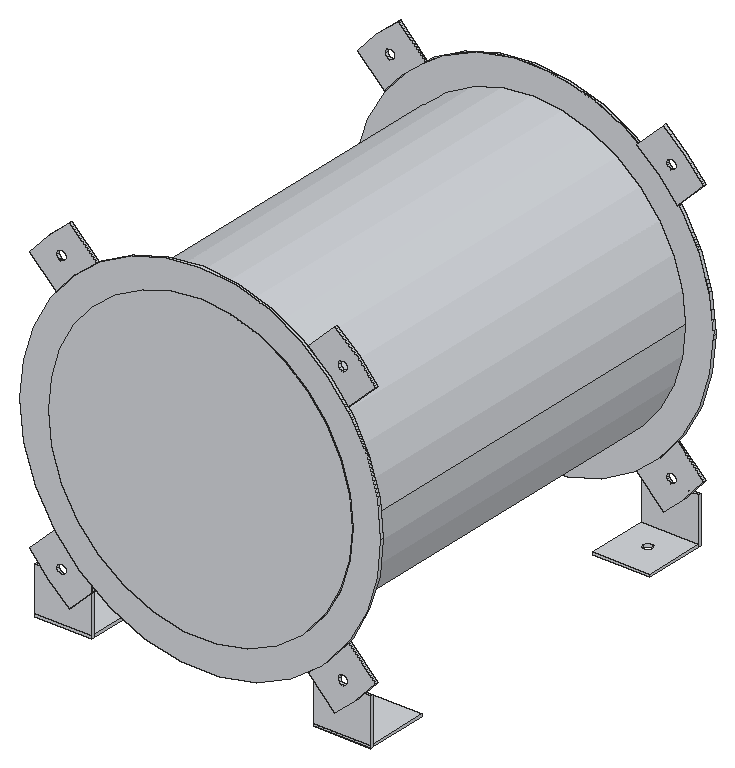
Revit family "TCNH-D", category Mechanical Equipment, Revit 2019
Family settings
  Round Connector Dimension = Use Radius
  Part Type = Normal
  Work Plane-Based = No
  Always vertical = Yes
  Cut with Voids When Loaded = No
  Shared = No
  Room Calculation Point = No
Parameters (values of type "80-TCNH-D")
  Unit Weight [instance] = ""
  Sones [instance] = ""
  SQRT((J^2)/2) = (sqrt((J ^ 2) / 2)) / 2  # 0' - 7.40252"
  SHORT = 0' - 7 1/2"
  Motor RPM [instance] = ""
  Motor Enclosure [instance] = ""
  ModelID [instance] = ""
  LwA [instance] = ""
  LONG = 0' - 10 7/8"
  J/2 = J / 2  # 0' - 10 15/32"
  G-SQ = G - (sqrt((J ^ 2) / 2) / 2)  # 0' - 2.72248"
  G+SQ = G + (sqrt((J ^ 2) / 2) / 2)  # 1' - 5.52752"
  C/3*2 = -C / 3 * 1  # -0' - 7.33333"
  B/3 = B / 3  # 0' - 5.33333"
  Accessories [instance] = ""
  45 = 45.00°  # constant formula
  135 = 135.00°  # constant formula
  -C+1.5 = -C + 0' 1 1/2"  # -1' - 8 1/2"
  (J+2")/2 = (J + 0' 2") / 2  # 0' - 11 15/32"
  J = 1' - 8 15/16"
  H/2 = H / 2  # 1' - 3 5/16"
  H = 2' - 6 5/8"
  G = 0' - 10 1/8"
  Fan RPM [instance] = ""
  F = 1' - 5 11/16"
  E/2 = E / 2  # 0' - 7 11/32"
  E-3 = E - 0' 3"  # 0' - 11 11/16"
  E+3 = E + 0' 3"  # 1' - 5 11/16"
  E = 1' - 2 11/16"
  D/2 = D / 2  # 0' - 9 1/4"
  D-3 = D - 0' 3"  # 1' - 3 1/2"
  D+3 = D + 0' 3"  # 1' - 9 1/2"
  D = 1' - 6 1/2"
  C/2 = C / 2  # 0' - 11"
  C = 1' - 10"
  Brake Hp [instance] = ""
  B/2 = B / 2  # 0' - 8"
  B-C = B - C  # -0' - 6"
  B = 1' - 4"
  A/4 = A / 4  # 0' - 4 3/4"
  A/2 = A / 2  # 0' - 9 1/2"
  A/12 = A / 12  # 0' - 1.58333"
  A = 1' - 7"
  4" = 0' - 4"  # constant formula
  2' = 2' - 0"
  2" = 0' - 2"  # constant formula
  1" = 0' - 1"  # constant formula
  0 = 0' - 0"  # constant formula
  Voltage [instance] = 0 V
  URL = "www.lorencook.com"
  Type Comments = "Tubular Centrifugal Inline Direct Drive Heavy Duty Arr. 4"  # constant formula
  Static Pressure [instance] = 0.00 in-wg
  Power [instance] = Voltage * Motor FLA * sqrt(if(Phase = 3, 3, 1))  # 0 VA
  Phase [instance] = 0
  Number of Poles [instance] = 1
  Motor Hp [instance] = "0"
  Motor FLA [instance] = 0 A
  Model = "TCNH-D"  # constant formula
  Manufacturer = "Loren Cook Company"
  CFM [instance] = 0 CFM
  1.5 = 0' - 1 1/2"  # constant formula
  1/4 = 0' - 0 1/4"  # constant formula
  ONE EIGTH = 0' - 0 1/8"  # constant formula
  -(C/2) = -(C / 2)  # -0' - 11"
  -(A/2) = -(A / 2)  # -0' - 9 1/2"
  (E-3)/2 = (E - 0' 3") / 2  # 0' - 5 27/32"
  (E+3)/2 = (E + 0' 3") / 2  # 0' - 8 27/32"
  (D-3)/2 = (D - 0' 3") / 2  # 0' - 7 3/4"
  (D+3)/2 = (D + 0' 3") / 2  # 0' - 10 3/4"
  (A/4)+(A/12) = (A / 4) + (A / 12)  # 0' - 6.33333"
Types (9): name | SQRT((J^2)/2) | SHORT | LONG | J/2 | G-SQ | G+SQ | C/3*2 | B/3 | -C+1.5 | (J+2")/2 | J | H/2 | H | G | F | E/2 | E-3 | E+3 | E | D/2 | D-3 | D+3 | D | C/2 | C | B/2 | B-C | B | A/4 | A/2 | A/12 | A | -(C/2) | -(A/2) | (E-3)/2 | (E+3)/2 | (D-3)/2 | (D+3)/2 | (A/4)+(A/12)
  (no name) | 0' - 7.40252" | 0' - 7 1/2" | 0' - 10 7/8" | 0' - 10 15/32" | 0' - 2.72248" | 1' - 5.52752" | -0' - 7.33333" | 0' - 5.33333" | -1' - 8 1/2" | 0' - 11 15/32" | 1' - 8 15/16" | 1' - 3 5/16" | 2' - 6 5/8" | 0' - 10 1/8" | 1' - 5 11/16" | 0' - 7 11/32" | 0' - 11 11/16" | 1' - 5 11/16" | 1' - 2 11/16" | 0' - 9 1/4" | 1' - 3 1/2" | 1' - 9 1/2" | 1' - 6 1/2" | 0' - 11" | 1' - 10" | 0' - 8" | -0' - 6" | 1' - 4" | 0' - 4 3/4" | 0' - 9 1/2" | 0' - 1.58333" | 1' - 7" | -0' - 11" | -0' - 9 1/2" | 0' - 5 27/32" | 0' - 8 27/32" | 0' - 7 3/4" | 0' - 10 3/4" | 0' - 6.33333"
  60-TCNH-D | 0' - 7.40252" | 0' - 7 1/2" | 0' - 10 7/8" | 0' - 10 15/32" | 0' - 2.72248" | 1' - 5.52752" | -0' - 7.33333" | 0' - 5.33333" | -1' - 8 1/2" | 0' - 11 15/32" | 1' - 8 15/16" | 1' - 3 5/16" | 2' - 6 5/8" | 0' - 10 1/8" | 1' - 5 11/16" | 0' - 7 11/32" | 0' - 11 11/16" | 1' - 5 11/16" | 1' - 2 11/16" | 0' - 9 1/4" | 1' - 3 1/2" | 1' - 9 1/2" | 1' - 6 1/2" | 0' - 11" | 1' - 10" | 0' - 8" | -0' - 6" | 1' - 4" | 0' - 4 3/4" | 0' - 9 1/2" | 0' - 1.58333" | 1' - 7" | -0' - 11" | -0' - 9 1/2" | 0' - 5 27/32" | 0' - 8 27/32" | 0' - 7 3/4" | 0' - 10 3/4" | 0' - 6.33333"
  70-TCNH-D | 0' - 7.40252" | 0' - 7 1/2" | 0' - 10 7/8" | 0' - 10 15/32" | 0' - 2.72248" | 1' - 5.52752" | -0' - 7.33333" | 0' - 5.33333" | -1' - 8 1/2" | 0' - 11 15/32" | 1' - 8 15/16" | 1' - 3 5/16" | 2' - 6 5/8" | 0' - 10 1/8" | 1' - 5 11/16" | 0' - 7 11/32" | 0' - 11 11/16" | 1' - 5 11/16" | 1' - 2 11/16" | 0' - 9 1/4" | 1' - 3 1/2" | 1' - 9 1/2" | 1' - 6 1/2" | 0' - 11" | 1' - 10" | 0' - 8" | -0' - 6" | 1' - 4" | 0' - 4 3/4" | 0' - 9 1/2" | 0' - 1.58333" | 1' - 7" | -0' - 11" | -0' - 9 1/2" | 0' - 5 27/32" | 0' - 8 27/32" | 0' - 7 3/4" | 0' - 10 3/4" | 0' - 6.33333"
  80-TCNH-D | 0' - 7.40252" | 0' - 7 1/2" | 0' - 10 7/8" | 0' - 10 15/32" | 0' - 2.72248" | 1' - 5.52752" | -0' - 7.33333" | 0' - 5.33333" | -1' - 8 1/2" | 0' - 11 15/32" | 1' - 8 15/16" | 1' - 3 5/16" | 2' - 6 5/8" | 0' - 10 1/8" | 1' - 5 11/16" | 0' - 7 11/32" | 0' - 11 11/16" | 1' - 5 11/16" | 1' - 2 11/16" | 0' - 9 1/4" | 1' - 3 1/2" | 1' - 9 1/2" | 1' - 6 1/2" | 0' - 11" | 1' - 10" | 0' - 8" | -0' - 6" | 1' - 4" | 0' - 4 3/4" | 0' - 9 1/2" | 0' - 1.58333" | 1' - 7" | -0' - 11" | -0' - 9 1/2" | 0' - 5 27/32" | 0' - 8 27/32" | 0' - 7 3/4" | 0' - 10 3/4" | 0' - 6.33333"
  100-TCNH-D | 0' - 7.40252" | 0' - 7 1/2" | 0' - 10 7/8" | 0' - 10 15/32" | 0' - 2.72248" | 1' - 5.52752" | -0' - 7.33333" | 0' - 5.33333" | -1' - 8 1/2" | 0' - 11 15/32" | 1' - 8 15/16" | 1' - 3 5/16" | 2' - 6 5/8" | 0' - 10 1/8" | 1' - 5 11/16" | 0' - 7 11/32" | 0' - 11 11/16" | 1' - 5 11/16" | 1' - 2 11/16" | 0' - 9 1/4" | 1' - 3 1/2" | 1' - 9 1/2" | 1' - 6 1/2" | 0' - 11" | 1' - 10" | 0' - 8" | -0' - 6" | 1' - 4" | 0' - 4 3/4" | 0' - 9 1/2" | 0' - 1.58333" | 1' - 7" | -0' - 11" | -0' - 9 1/2" | 0' - 5 27/32" | 0' - 8 27/32" | 0' - 7 3/4" | 0' - 10 3/4" | 0' - 6.33333"
  120-TCNH-D | 0' - 8.10963" | 0' - 8" | 0' - 11 3/8" | 0' - 11 15/32" | 0' - 2.76537" | 1' - 6.98463" | -0' - 7.66667" | 0' - 6" | -1' - 9 1/2" | 1' - 0 15/32" | 1' - 10 15/16" | 1' - 4 3/32" | 2' - 8 3/16" | 0' - 10 7/8" | 1' - 7 1/8" | 0' - 8 1/16" | 1' - 1 1/8" | 1' - 7 1/8" | 1' - 4 1/8" | 0' - 9 3/4" | 1' - 4 1/2" | 1' - 10 1/2" | 1' - 7 1/2" | 0' - 11 1/2" | 1' - 11" | 0' - 9" | -0' - 5" | 1' - 6" | 0' - 5 1/4" | 0' - 10 1/2" | 0' - 1 3/4" | 1' - 9" | -0' - 11 1/2" | -0' - 10 1/2" | 0' - 6 9/16" | 0' - 9 9/16" | 0' - 8 1/4" | 0' - 11 1/4" | 0' - 7"
  135-TCNH-D | 0' - 9.19239" | 0' - 7 3/4" | 1' - 0 1/8" | 1' - 1" | 0' - 4.18261" | 1' - 10.56739" | -0' - 8.16667" | 0' - 7" | -1' - 11" | 1' - 2" | 2' - 2" | 1' - 6 3/8" | 3' - 0 3/4" | 1' - 1 3/8" | 1' - 9 1/4" | 0' - 9 1/8" | 1' - 3 1/4" | 1' - 9 1/4" | 1' - 6 1/4" | 0' - 10" | 1' - 5" | 1' - 11" | 1' - 8" | 1' - 0 1/4" | 2' - 0 1/2" | 0' - 10 1/2" | -0' - 3 1/2" | 1' - 9" | 0' - 6" | 1' - 0" | 0' - 2" | 2' - 0" | -1' - 0 1/4" | -1' - 0" | 0' - 7 5/8" | 0' - 10 5/8" | 0' - 8 1/2" | 0' - 11 1/2" | 0' - 8"
  150-TCNH-D | 0' - 10.25305" | 0' - 8 7/8" | 1' - 1 1/2" | 1' - 2 1/2" | 0' - 4.24695" | 2' - 0.75305" | -0' - 9.08333" | 0' - 8" | -2' - 1 3/4" | 1' - 3 1/2" | 2' - 5" | 1' - 9 5/8" | 3' - 7 1/4" | 1' - 2 1/2" | 1' - 11 3/8" | 0' - 10 3/16" | 1' - 5 3/8" | 1' - 11 3/8" | 1' - 8 3/8" | 0' - 11 1/4" | 1' - 7 1/2" | 2' - 1 1/2" | 1' - 10 1/2" | 1' - 1 5/8" | 2' - 3 1/4" | 1' - 0" | -0' - 3 1/4" | 2' - 0" | 0' - 6 3/4" | 1' - 1 1/2" | 0' - 2 1/4" | 2' - 3" | -1' - 1 5/8" | -1' - 1 1/2" | 0' - 8 11/16" | 0' - 11 11/16" | 0' - 9 3/4" | 1' - 0 3/4" | 0' - 9"
  165-TCNH-D | 0' - 11.44629" | 0' - 8 5/8" | 1' - 2 1/4" | 1' - 4 3/16" | 0' - 4.30371" | 2' - 3.19629" | -0' - 9.58333" | 0' - 8.66667" | -2' - 3 1/4" | 1' - 5 3/16" | 2' - 8 3/8" | 1' - 10 7/8" | 3' - 9 3/4" | 1' - 3 3/4" | 2' - 2 7/8" | 0' - 11 3/8" | 1' - 7 3/4" | 2' - 1 3/4" | 1' - 10 3/4" | 0' - 11 1/2" | 1' - 8" | 2' - 2" | 1' - 11" | 1' - 2 3/8" | 2' - 4 3/4" | 1' - 1" | -0' - 2 3/4" | 2' - 2" | 0' - 7 1/4" | 1' - 2 1/2" | 0' - 2.41667" | 2' - 5" | -1' - 2 3/8" | -1' - 2 1/2" | 0' - 9 7/8" | 1' - 0 7/8" | 0' - 10" | 1' - 1" | 0' - 9.66667"
Reference planes (in)
  plane 1 "Center (Front/Back)": y = 0
  plane 2: z = 0
  plane 3 "Center (Left/Right)": x = 0.40541
Forms (in)
  Extrusion 1, solid
    sketch origin (0, 0, 0) x (1, 0, 0) y (0, 0, 1)
      loop
        circle (0.40541, 10.125) r 8
    from -11 <- "-(C/2)" to 11 <- "C/2"
  Extrusion 2, solid
    sketch origin (0, -11, 0) x (1, 0, 0) y (0, 0, 1)
      loop
        circle (0.40541, 10.125) r 9.5
    from 0 to -0.125
  Extrusion 3, solid
    sketch origin (0, 11, 0) x (-1, 0, 0) y (0, 0, 1)
      loop
        circle (-0.40541, 10.125) r 9.5
    from 0 to -0.125
  Revolve 4, void
    sketch origin (0.40541, 0, 0) x (0, 1, 0) y (0, 0, 1)
      loop
        line (11, 10.125) -> (11, 16.45833)
        arc (11, 16.45833) -> (10.53625, 15.33875) -> (9.41667, 14.875) r 1.58333
        line (9.41667, 14.875) -> (9.41667, 10.125) -> (11, 10.125)
      axis (11, 10.125) -> (9.41667, 10.125)
    angle from 0 to 360
  Extrusion 5, solid
    sketch origin (0, 0, 0) x (1, 0, 0) y (0, 1, 0)
      loop
        line (-8.43834, 10.875) -> (-8.43834, 7.5) -> (-5.43834, 7.5) -> (-5.43834, 10.875) -> (-8.43834, 10.875)
      loop
        line (9.24916, 10.875) -> (6.24916, 10.875) -> (6.24916, 7.5) -> (9.24916, 7.5) -> (9.24916, 10.875)
      loop
        line (9.24916, -10.875) -> (9.24916, -7.5) -> (6.24916, -7.5) -> (6.24916, -10.875) -> (9.24916, -10.875)
      loop
        line (-8.43834, -10.875) -> (-5.43834, -10.875) -> (-5.43834, -7.5) -> (-8.43834, -7.5) -> (-8.43834, -10.875)
    from 0 to 0.125
  Extrusion 6, void
    sketch origin (0, 0, 0) x (1, 0, 0) y (0, 1, 0)
      loop
        circle (-6.93834, 9.25) r 0.25
      loop
        circle (7.74916, 9.25) r 0.25
      loop
        circle (7.74916, -9.25) r 0.25
      loop
        circle (-6.93834, -9.25) r 0.25
    from 0 to 0.125
  Extrusion 7, solid
    sketch origin (0, 11, 0) x (-1, 0, 0) y (0, 0, 1)
      loop
        arc (-7.38472, 19.22563) -> (-8.51504, 18.23463) -> (-9.50604, 17.10431) r 11.46875
        line (-9.50604, 17.10431) -> (-8.09932, 15.69759)
        arc (-8.09932, 15.69759) -> (-7.12293, 16.84251) -> (-5.978, 17.81891) r 9.5
        line (-5.978, 17.81891) -> (-7.38472, 19.22563)
      loop
        line (6.5739, 19.22563) -> (5.16718, 17.81891)
        arc (5.16718, 17.81891) -> (6.3121, 16.84251) -> (7.2885, 15.69759) r 9.5
        line (7.2885, 15.69759) -> (8.69522, 17.10431)
        arc (8.69522, 17.10431) -> (7.70422, 18.23463) -> (6.5739, 19.22563) r 11.46875
      loop
        arc (6.5739, 1.02437) -> (7.70422, 2.01537) -> (8.69522, 3.14569) r 11.46875
        line (8.69522, 3.14569) -> (7.2885, 4.55241)
        arc (7.2885, 4.55241) -> (6.3121, 3.40749) -> (5.16718, 2.43109) r 9.5
        line (5.16718, 2.43109) -> (6.5739, 1.02437)
      loop
        line (-7.38472, 1.02437) -> (-5.978, 2.43109)
        arc (-5.978, 2.43109) -> (-7.12293, 3.40749) -> (-8.09932, 4.55241) r 9.5
        line (-8.09932, 4.55241) -> (-9.50604, 3.14569)
        arc (-9.50604, 3.14569) -> (-8.51504, 2.01537) -> (-7.38472, 1.02437) r 11.46875
    from -0.125 to -0.25
  Extrusion 8, solid
    sketch origin (0, -11, 0) x (1, 0, 0) y (0, 0, 1)
      loop
        line (9.50604, 3.14569) -> (8.09932, 4.55241)
        arc (8.09932, 4.55241) -> (7.12293, 3.40749) -> (5.978, 2.43109) r 9.5
        line (5.978, 2.43109) -> (7.38472, 1.02437)
        arc (7.38472, 1.02437) -> (8.51504, 2.01537) -> (9.50604, 3.14569) r 11.46875
      loop
        line (7.38472, 19.22563) -> (5.978, 17.81891)
        arc (5.978, 17.81891) -> (7.12293, 16.84251) -> (8.09932, 15.69759) r 9.5
        line (8.09932, 15.69759) -> (9.50604, 17.10431)
        arc (9.50604, 17.10431) -> (8.51504, 18.23463) -> (7.38472, 19.22563) r 11.46875
      loop
        arc (-8.69522, 3.14569) -> (-7.70422, 2.01537) -> (-6.5739, 1.02437) r 11.46875
        line (-6.5739, 1.02437) -> (-5.16718, 2.43109)
        arc (-5.16718, 2.43109) -> (-6.3121, 3.40749) -> (-7.2885, 4.55241) r 9.5
        line (-7.2885, 4.55241) -> (-8.69522, 3.14569)
      loop
        arc (-6.5739, 19.22563) -> (-7.70422, 18.23463) -> (-8.69522, 17.10431) r 11.46875
        line (-8.69522, 17.10431) -> (-7.2885, 15.69759)
        arc (-7.2885, 15.69759) -> (-6.3121, 16.84251) -> (-5.16718, 17.81891) r 9.5
        line (-5.16718, 17.81891) -> (-6.5739, 19.22563)
    from -0.125 to -0.25
  Extrusion 9, solid
    sketch origin (0, -10.875, 0) x (1, 0, 0) y (0, 0, 1)
      loop
        line (6.24916, 0) -> (9.24916, 0) -> (9.24916, 2.47248) -> (6.24916, 2.47248) -> (6.24916, 0)
      loop
        line (-5.43834, 0) -> (-5.43834, 2.47248) -> (-8.43834, 2.47248) -> (-8.43834, 0) -> (-5.43834, 0)
    from 0 to -0.125
  Extrusion 10, solid
    sketch origin (0, 10.875, 0) x (-1, 0, 0) y (0, 0, 1)
      loop
        line (-9.24916, 2.47248) -> (-9.24916, 0) -> (-6.24916, 0) -> (-6.24916, 2.47248) -> (-9.24916, 2.47248)
      loop
        line (5.43834, 2.47248) -> (5.43834, 0) -> (8.43834, 0) -> (8.43834, 2.47248) -> (5.43834, 2.47248)
    from 0 to -0.125
  Extrusion 11, void
    sketch origin (0, 0, 0) x (1, 0, 0) y (0, 0, 1)
      loop
        circle (-6.99711, 17.52752) r 0.25
      loop
        circle (-6.99711, 2.72248) r 0.25
      loop
        circle (7.80794, 2.72248) r 0.25
      loop
        circle (7.80794, 17.52752) r 0.25
    from 11 <- "C/2" to -11 <- "-(C/2)"
Cuts and joins
  Revolve 4, Extrusion 11 cuts Extrusion 1
  Revolve 4, Extrusion 11 cuts Extrusion 3
  Extrusion 6 cuts Extrusion 5
  Extrusion 11 cuts Extrusion 2
  Extrusion 11 cuts Extrusion 7
  Extrusion 11 cuts Extrusion 8
Dimensions and locks (in)
  "G": Extrusion 1 sketch curve to level
  "G": Extrusion 2 sketch curve to level
  "G": level to Extrusion 3 sketch curve
  "A/4": Revolve 4 sketch curve to Revolve 4 sketch curve
  "(A/4)+(A/12)": Revolve 4 sketch curve to Revolve 4 sketch curve
  "A/12": Extrusion 3 to Revolve 4 sketch curve
  "G": level to Revolve 4 sketch curve  (x2)
  Extrusion 3 to Revolve 4 sketch curve = 0' - 0"
  "SHORT": plane 1 "Center (Front/Back)" to Extrusion 5 sketch curve  (x3)
  "LONG": plane 1 "Center (Front/Back)" to Extrusion 5 sketch curve  (x2)
  "(E-3)/2": Extrusion 5 sketch curve to plane 3 "Center (Left/Right)"  (x2)
  "(E+3)/2": Extrusion 5 sketch curve to plane 3 "Center (Left/Right)"  (x2)
  "SHORT": Extrusion 5 sketch curve to plane 1 "Center (Front/Back)"
  "LONG": Extrusion 5 sketch curve to plane 1 "Center (Front/Back)"  (x2)
  "(E-3)/2": plane 3 "Center (Left/Right)" to Extrusion 5 sketch curve  (x2)
  "(E+3)/2": plane 3 "Center (Left/Right)" to Extrusion 5 sketch curve  (x2)
  "E/2": Extrusion 6 sketch curve to plane 3 "Center (Left/Right)"  (x2)
  "E/2": plane 3 "Center (Left/Right)" to Extrusion 6 sketch curve  (x2)
  "D/2": Extrusion 6 sketch curve to plane 1 "Center (Front/Back)"  (x2)
  "D/2": plane 1 "Center (Front/Back)" to Extrusion 6 sketch curve  (x2)
  "0": Extrusion 7 sketch curve to plane 3 "Center (Left/Right)"  (x8)
  "G": level to Extrusion 7 sketch curve  (x8)
  "1.5": Extrusion 7 sketch curve to Extrusion 7 sketch curve  (x8)
  "G": Extrusion 8 sketch curve to level  (x2)
  "0": Extrusion 8 sketch curve to plane 3 "Center (Left/Right)"  (x2)
  "1.5": Extrusion 8 sketch curve to Extrusion 8 sketch curve  (x8)
  "0": cut or joined group of Extrusion 5, Extrusion 6 to Extrusion 9 sketch curve  (x3)
  "0": Extrusion 9 sketch curve to cut or joined group of Extrusion 5, Extrusion 6
  "0": Extrusion 9 sketch curve to level  (x2)
  "0": Extrusion 9 to Extrusion 10 sketch curve  (x4)
  "0": level to Extrusion 10 sketch curve  (x2)
  "0": Extrusion 10 sketch curve to Extrusion 9  (x2)
  "0": Extrusion 9 sketch curve to Extrusion 9 sketch curve
  "SQRT((J^2)/2)": plane 3 "Center (Left/Right)" to Extrusion 11 sketch curve  (x2)
  "SQRT((J^2)/2)": Extrusion 11 sketch curve to plane 3 "Center (Left/Right)"  (x2)
  "G+SQ": Extrusion 11 sketch curve to level  (x2)
  "G-SQ": Extrusion 11 sketch curve to level  (x2)
  "0": Extrusion 9 sketch curve to cut or joined group of Extrusion 8, Extrusion 11
  "B/2": radius of Extrusion 1 sketch curve
  "A/2": radius of Extrusion 2 sketch curve
  "A/2": radius of Extrusion 3 sketch curve
  "1/4": radius of Extrusion 6 sketch curve  (x4)
  "(J+2")/2": radius of Extrusion 7 sketch curve  (x4)
  "A/2": radius of Extrusion 7 sketch curve  (x4)
  "A/2": radius of Extrusion 8 sketch curve
  "(J+2")/2": radius of Extrusion 8 sketch curve  (x4)
  "1/4": radius of Extrusion 11 sketch curve  (x4)
  "45": angle plane 3 "Center (Left/Right)" to Extrusion 7 sketch curve  (x6)
  "45": angle Extrusion 8 sketch curve to plane 3 "Center (Left/Right)"  (x4)
  "45": angle plane 3 "Center (Left/Right)" to Extrusion 8 sketch curve  (x4)
  "45": angle Extrusion 7 sketch curve to plane 3 "Center (Left/Right)"  (x2)
Automatic sketch dimensions
  Extrusion 1 sketch curve to plane 3 "Center (Left/Right)" = 0' - 0"
  Revolve 4 sketch curve to plane 1 "Center (Front/Back)" = 0' - 3.41667"
  Revolve 4 sketch curve to Revolve 4 sketch curve = 0' - 0"  (x2)
  Extrusion 8 sketch curve to Extrusion 8 sketch curve = 0' - 0"  (x6)
  radius of Extrusion 8 sketch curve to Extrusion 2 = 0' - 0"  (x3)
Connectors (in)
  hvac at (0.40541, -11, 10.125), driven by "B/2"
    settings: on cut or joined group of Extrusion 1, Revolve 4, Extrusion 11, index 1, duct flow 0 CFM, flow factor 0, pres drop 0.00 in-wg, loss coef 0, conn angle 0.00°, conn width 12", conn height 12", conn diameter 16", duct sys type 29, conn prof type 0, flow config 0, flow direction 1, loss method 0, conn ref index -1, conn util no, is conn primary yes, conn desc ""
  hvac at (0.40541, 11, 10.125), driven by "B/2"
    settings: on cut or joined group of Extrusion 1, Revolve 4, Extrusion 11, index 2, duct flow 0 CFM, flow factor 0, pres drop 0.00 in-wg, loss coef 0, conn angle 0.00°, conn width 12", conn height 12", conn diameter 16", duct sys type 29, conn prof type 0, flow config 0, flow direction 2, loss method 0, conn ref index -1, conn util no, is conn primary no, conn desc ""
  electrical at (0.40541, -10.875, 10.125)
    settings: on cut or joined group of Extrusion 2, Extrusion 11, index 3, voltage 0 V, apparent load 0 VA, apparent load phase1 0 VA, apparent load phase2 0 VA, apparent load phase3 0 VA, power factor 1, load classification "Other", number of poles 1, system type 30, power factor state 1, is connector primary yes, connector utility no, sub classification motor no, connector description ""
